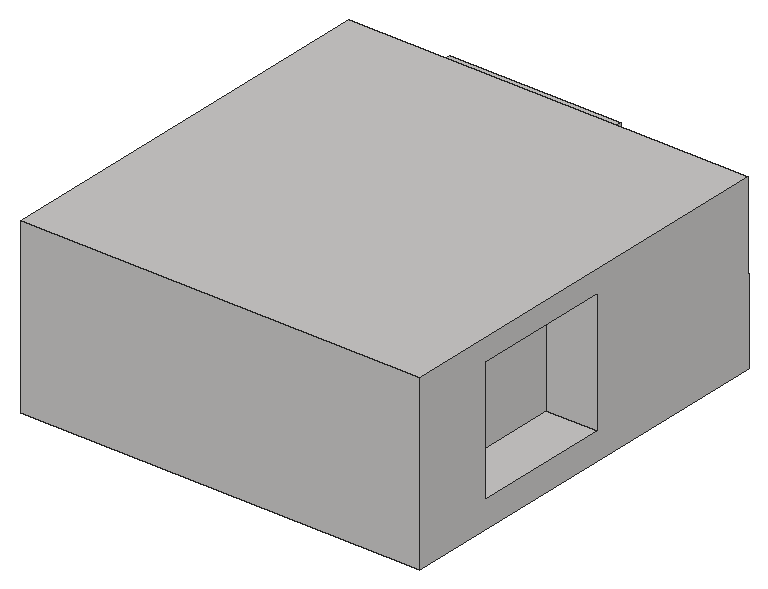
Revit family
Parameters
  Width = 4' - 0 1/8"
  Voltage = 208 V
  Unit Weight = "230.0 lbs"
  UltraLoc Liner = Choose Liner Option = 3  # no
  URL = "http://www.titus-hvac.com/"
  UL = "181"
  Supply Air Flow [instance] = 0 CFM
  SteriLoc Liner = Choose Liner Option = 2  # no
  Primary Air Pressure Drop [instance] = 0.00 in-wg
  Primary Air Flow [instance] = 0 CFM
  Plenum Air Pressure Drop [instance] = 0.00 in-wg
  Plenum Air Flow [instance] = 0 CFM
  Outlet Width = 1' - 4 1/2"
  Outlet Vertical Offset = 0' - 1 1/8"
  Outlet Horizontal Offset = 0' - 1 3/8"
  Outlet Height = 1' - 2 1/2"
  Number of Poles = 2
  Nominal Width = Width + 0' 6 1/4"  # 4' - 6 3/8"
  Nominal Length = Length + 0' 3 3/8"  # 4' - 2 1/4"
  Nominal Inlet Size = 1' - 2"
  Nominal Height = 1' - 8 1/8"
  NFPA = "90A"
  Motor Full Load Amps = 9 A
  Model = "DTQS"
  Min. Air Flow = 0 CFM
  Max. Air Flow = 0 CFM
  Material = Galvanized Steel
  Manufacturer = "Titus"
  Length = 3' - 10 7/8"
  Juction Box Offset = 0' - 6 7/8"
  Inlet Diameter = Nominal Inlet Size - 0' 0 1/8"  # 1' - 1 7/8"
  Induced offset = 0' - 1 1/4"
  Induced Air Inlet Offset = 0' - 4 1/2"
  Induced Air Inlet Width = 1' - 9"
  Induced Air Inlet Height = 1' - 5 1/2"
  Induced Air Filter = no
  Heating Total Capacity [instance] = 0 Btu/h
  Half Outlet Connection Width = Outlet Width / 2  # 0' - 8 1/4"
  Half Outlet Connection Height = Outlet Height / 2  # 0' - 7 1/4"
  Half Height Start = -(Nominal Height / 2)  # -0' - 10 1/16"
  Half Height End = Nominal Height / 2  # 0' - 10 1/16"
  HP-Motor = "1"
  Frequency = 60 Hz
  Filter Size = "27\"x20\""
  Fiber Free Liner = Choose Liner Option = 1  # no
  Fan Disconnect Switch = no
  Duct Radius = Nominal Inlet Size / 2  # 0' - 7"
  Description = "Series Fan Powered Terminal Unit, Direct Digital Control, Pressure Independent"
  Connection Void Radius = Connection Radius - 0' 0 1/4"  # 0' - 6 11/16"
  Connection Radius = Inlet Diameter / 2  # 0' - 6 15/16"
  Choose Liner Option = 0
  CADworks URL = "www.CADworks.net"
  Assembly Code = "D3040100"
  Apparent Power = Voltage * Motor Full Load Amps  # 1872 VA
  Air Inlet Offset = 0' - 10"
  1/2" Fiberglass Liner = Choose Liner Option = 0  # yes
Reference planes (in)
  plane 1 "Center (Front/Back)": y = 0
  plane 2: z = 0
  plane 3 "Center (Left/Right)": x = 3
  plane 4: x = -20.4375
  plane 5: x = 26.4375
  plane 6: x = -13.5625
  plane 7: x = -23.8125
  plane 8 "Center (Elevation)": z = 0
  plane 9: y = -24.0625
  plane 10: y = 24.0625
  plane 11: y = 14.0625
  plane 12: y = -19.5625
  plane 13: x = 20.4375
  plane 14: y = 30.3125
  plane 15: z = 10.0625
  plane 16: z = -10.0625
Forms (in)
  Extrusion 1, solid, material "Galvanized Steel" <- "Material"
    sketch origin (0, 0, 52) x (1, 0, 0) y (0, 1, 0)
      loop
        line (-20.4375, 24.0625) -> (-20.4375, -24.0625) -> (26.4375, -24.0625) -> (26.4375, 24.0625) -> (-20.4375, 24.0625)
    from -62.0625 <- "Half Height Start" to -41.9375 <- "Half Height End"
  Extrusion 2, solid, material "Galvanized Steel" <- "Material"
    sketch origin (5.0625, 0, -6) x (1, 0, 0) y (0, 1, 0)
      loop
        line (-18.625, 24.0625) -> (1.375, 24.0625) -> (1.375, 30.3125) -> (-18.625, 30.3125) -> (-18.625, 24.0625)
    from 0 to 12
  Extrusion 3, void
    sketch origin (26.4375, 24.0625, 53.125) x (0, 1, 0) y (0, 0, -1)
      loop
        line (-22.125, 45.5625) -> (-22.125, 60.0625) -> (-38.625, 60.0625) -> (-38.625, 45.5625) -> (-22.125, 45.5625)
    from 0 to 6
  Extrusion 4, solid, material "Galvanized Steel" <- "Material"
    sketch origin (-24.875, 0.5625, 0) x (0, 0, -1) y (0, 1, 0)
      loop
        circle (0, 13.5) r 6.9375
    from 1.0625 to 4.4375
  Extrusion 5, void
    sketch origin (-24.875, 0, 0) x (0, 1, 0) y (0, 0, 1)
      loop
        circle (14.0625, 0) r 6.6875
    from 1.0625 to 11.3125
  Extrusion 6, void
    sketch origin (-20.4375, -24.0625, 52) x (0, -1, 0) y (0, 0, -1)
      loop
        line (-25.5, 43.3125) -> (-4.5, 43.3125) -> (-4.5, 60.8125) -> (-25.5, 60.8125) -> (-25.5, 43.3125)
    from 0 to 6.875
Cuts and joins
  Extrusion 3, Extrusion 5, Extrusion 6 cuts Extrusion 1
  Extrusion 5 cuts Extrusion 4
Dimensions and locks (in)
  "Length": plane 5 to plane 4
  equal spacing: plane 5, plane 3 "Center (Left/Right)", plane 4
  locked: Extrusion 2 to plane 6 at 0
  locked: Extrusion 2 to Extrusion 2 at 20
  "Juction Box Offset": plane 6 to plane 4
  "Outlet Height": Extrusion 3 sketch curve to Extrusion 3 sketch curve
  "Outlet Width": Extrusion 3 sketch curve to Extrusion 3 sketch curve
  locked: plane 4 to plane 7 at 3.375
  "Width": plane 9 to plane 10
  equal spacing: plane 9, plane 1 "Center (Front/Back)", plane 10
  locked: Extrusion 4 sketch curve to level at 0
  locked: Extrusion 4 sketch curve to plane 11 at 0
  locked: Extrusion 5 sketch curve to level at 0
  locked: Extrusion 5 sketch curve to plane 11 at 0
  locked: Extrusion 2 to Extrusion 2 at 6.25
  "Air Inlet Offset": plane 10 to plane 11
  locked: Extrusion 2 to plane 10 at 0
  locked: cut or joined group of Extrusion 4, Extrusion 5 to plane 7 at 0
  locked: cut or joined group of Extrusion 4, Extrusion 5 to cut or joined group of Extrusion 4, Extrusion 5 at 3.375
  "Induced Air Inlet Offset": plane 9 to plane 12
  "Induced Air Inlet Width": Extrusion 6 sketch curve to Extrusion 6 sketch curve
  "Induced Air Inlet Height": Extrusion 6 sketch curve to Extrusion 6 sketch curve
  "Induced Air Inlet Offset": Extrusion 6 sketch curve to plane 9
  locked: plane 9 to Extrusion 3 sketch curve at 9.5
  cut or joined group of Extrusion 1, Extrusion 3, Extrusion 5, Extrusion 6 to Extrusion 3 sketch curve = 0' - 3 1/8"
  locked: Extrusion 2 to Extrusion 2 at 12
  equal spacing: Extrusion 2, level, Extrusion 2
  locked: cut or joined group of Extrusion 1, Extrusion 3, Extrusion 5, Extrusion 6 to cut or joined group of Extrusion 1, Extrusion 3, Extrusion 5, Extrusion 6 at 20.125
  equal spacing: cut or joined group of Extrusion 1, Extrusion 3, Extrusion 5, Extrusion 6, level, cut or joined group of Extrusion 1, Extrusion 3, Extrusion 5, Extrusion 6
  "Induced offset": Extrusion 6 sketch curve to cut or joined group of Extrusion 1, Extrusion 3, Extrusion 5, Extrusion 6
  "Connection Radius": radius of Extrusion 4 sketch curve
  "Connection Void Radius": radius of Extrusion 5 sketch curve
  aligned and locked: plane 6 to Extrusion 6
  aligned and locked: Extrusion 3 to plane 13
  aligned and locked: plane 5 to cut or joined group of Extrusion 1, Extrusion 3, Extrusion 5, Extrusion 6
  aligned and locked: cut or joined group of Extrusion 1, Extrusion 3, Extrusion 5, Extrusion 6 to plane 4
  aligned and locked: cut or joined group of Extrusion 1, Extrusion 3, Extrusion 5, Extrusion 6 to plane 10
  aligned and locked: plane 9 to cut or joined group of Extrusion 1, Extrusion 3, Extrusion 5, Extrusion 6
  aligned and locked: Extrusion 1 to Extrusion 6
  aligned and locked: Extrusion 5 to plane 7
  aligned and locked: plane 6 to Extrusion 5
Automatic sketch dimensions
  Extrusion 1 sketch curve to plane 4 = 0' - 0"
  plane 5 to Extrusion 1 sketch curve = 0' - 0"
  Extrusion 1 sketch curve to plane 9 = 0' - 0"
  Extrusion 1 sketch curve to plane 10 = 0' - 0"
  Extrusion 2 sketch curve to plane 6 = 0' - 0"
  Extrusion 2 sketch curve to plane 10 = 0' - 0"
  plane 3 "Center (Left/Right)" to Extrusion 2 sketch curve = 0' - 3 7/16"
  Extrusion 2 sketch curve to plane 10 = 0' - 6 1/4"
Connectors (in)
  electrical at (-3.5625, 30.3125, 0), driven by "Apparent Power", driven by "Voltage", driven by "Number of Poles"
    settings: on Extrusion 2, index 8
  hvac at (-23.8125, 14.0625, 0), driven by "Primary Air Flow", driven by "Duct Radius", driven by "Primary Air Pressure Drop"
    settings: on cut or joined group of Extrusion 4, Extrusion 5, index 9
  hvac at (-20.4375, -9.0625, -0.0625), driven by "Induced Air Inlet Height", driven by "Induced Air Inlet Width", driven by "Plenum Air Pressure Drop", driven by "Plenum Air Flow"
    settings: on cut or joined group of Extrusion 1, Extrusion 3, Extrusion 5, Extrusion 6, index 12
  hvac at (26.4375, -6.3125, 0.3125), driven by "Supply Air Flow", driven by "Outlet Width", driven by "Outlet Height"
    settings: on cut or joined group of Extrusion 1, Extrusion 3, Extrusion 5, Extrusion 6, index 13
